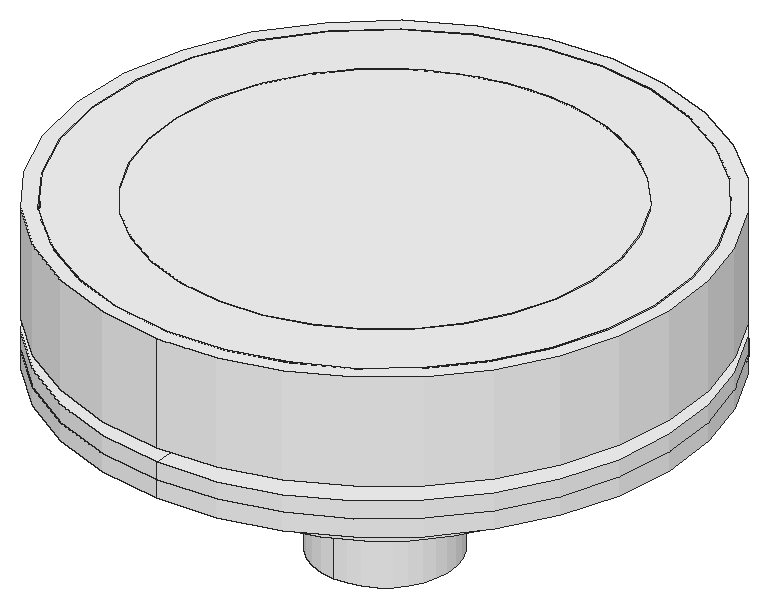
Revit family "FS1950", category Plumbing Fixtures, host Face, Revit 2018
Family settings
  Host = Face
  Round Connector Dimension = Use Radius
  Part Type = Normal
  Cut with Voids When Loaded = No
  Shared = No
  Room Calculation Point = No
Parameters (values of type "2"  Dia")
  WFU = 0
  URL = "WWW.MIFAB.COM"
  Top Diameter = 0' - 9"
  Strainer Adjustment [instance] = 0' - 2"
  Pipe Radius = Pipe Diameter / 2  # 0' - 1"
  Pipe Diameter = 0' - 2"
  Model = "FS1950"
  Manufacturer = "MIFAB"
  Floor Drain Material = Paint - Sherwin Williams Paint - #952C2A - Bellwood Red
  Description = "9\" ROUND SHALLOW FLOOR SINK"
  Default Elevation = 0' - 0"
  CWFU = 0
  Body Height = 0' - 5"
  Assembly Code = ""
Types (4): name | Pipe Radius | Pipe Diameter
  (no name) | 0' - 1" | 0' - 2"
  2"  Dia | 0' - 1" | 0' - 2"
  3"  Dia | 0' - 1 1/2" | 0' - 3"
  4"  Dia | 0' - 2" | 0' - 4"
Reference planes (in)
  plane 1 "Center (Front/Back)": y = 0
  plane 2: z = 0
  plane 3 "Center (Left/Right)": x = 0
  plane 4: z = -5
  plane 5: z = -2
  plane 6: z = 0
  plane 7: y = -3.46875
  plane 8: y = 3.46875
  plane 9: y = 4
  plane 10: y = -4
  plane 11: y = -1
  plane 12: y = 1
  plane 13: x = -2.5
  plane 14: x = 2.5
  plane 15: z = -0.26875
  plane 16: z = -4.9375
  plane 17: z = -0.16875
  plane 18: y = 2.5
  plane 19: y = -2.5
  plane 20: x = 4
  plane 21: x = -4.0364
  plane 22: y = 4.5
  plane 23: y = -4.5
  plane 24: z = -2
  plane 25: z = -0.65866
Forms (in)
  Revolve 1, solid, material "Paint - Sherwin Williams Paint - #952C2A - Bellwood Red" <- "Floor Drain Material"
    sketch origin (0, 0.04396, 0) x (0, 1, 0) y (0, 0, 1)
      loop
        line (-2.65851, -2) -> (-4.54396, -2) -> (-4.54396, -2.26052) -> (-3.19953, -2.26052) -> (-3.19953, -2.65595) -> (-2.85578, -2.65595) -> (-2.85578, -3.26301) -> (-1.04396, -3.74988) -> (-1.04396, -4.9375) -> (-0.79396, -4.9375) -> (-0.79396, -3.5872) -> (-2.65851, -3.07277) -> (-2.65851, -2)
      axis (-0.04396, -2) -> (-0.04396, -4.9375)
    angle from 0 to 360
  Revolve 2, solid, material "Paint - Sherwin Williams Paint - #952C2A - Bellwood Red" <- "Floor Drain Material"
    sketch origin (-4.25196, 0.29943, 1.30859) x (-0.866025, -0.5, 0) y (0, 0, 1)
      loop
        line (-3.45218, -2.86635) -> (-3.56667, -2.86635) -> (-3.56667, -2.95299) -> (-3.69351, -2.95299) -> (-3.69351, -3.05859) -> (-3.57332, -3.05859) -> (-3.57332, -3.38924) -> (-3.45218, -3.38924) -> (-3.45218, -2.86635)
      axis (-3.45218, -2.86635) -> (-3.45218, -3.38924)
    angle from 0 to 360
  Extrusion 3, solid, material "Paint - Sherwin Williams Paint - #952C2A - Bellwood Red" <- "Floor Drain Material"
    sketch origin (0, 0, 0) x (1, 0, 0) y (0, 1, 0)
      loop
        circle (0, 0) r 4.28125
      loop
        circle (0, 0) r 3.28125
    from -0.65866 to 0
  Revolve 4, solid, material "Paint - Sherwin Williams Paint - #952C2A - Bellwood Red" <- "Floor Drain Material"
    sketch origin (0, 0, 0) x (0, 1, 0) y (0, 0, 1)
      loop
        line (4.5, -2) -> (4.5, -1.75) -> (1.86057, -1.75) -> (1.86057, -0.26875) -> (1.74411, -0.26875) -> (1.74411, -2) -> (4.5, -2)
      axis (0, -2) -> (0, -0.26875)
    angle from 0 to 360
  Sweep 5, solid, material "Paint - Sherwin Williams Paint - #952C2A - Bellwood Red" <- "Floor Drain Material"
    path origin (0, 0, 0) x (1, 0, 0) y (0, 1, 0)
      loop
        circle (0, 0) r 4.5
    profile origin (4.5, 0, 0) x (-1, 0, 0) y (0, 0, 1)
      loop
        line (0, 0) -> (0, -1.54517) -> (2, -1.54517) -> (2, -2.75) -> (2.21875, -2.75) -> (2.21875, -1.32642) -> (0.21875, -1.32642) -> (0.21875, 0) -> (0, 0)
  Extrusion 6, solid, material "Paint - Sherwin Williams Paint - #952C2A - Bellwood Red" <- "Floor Drain Material"
    sketch origin (0, 0, 0) x (1, 0, 0) y (0, 1, 0)
      loop
        circle (0, 0) r 3.28125
    from -0.26875 to 0
  Revolve 7, solid, material "Paint - Sherwin Williams Paint - #952C2A - Bellwood Red" <- "Floor Drain Material"
    sketch origin (-0.58883, -1.78334, 1.30859) x (-0.866025, -0.5, 0) y (0, 0, 1)
      loop
        line (-3.45218, -2.86635) -> (-3.56667, -2.86635) -> (-3.56667, -2.95299) -> (-3.69351, -2.95299) -> (-3.69351, -3.05859) -> (-3.57332, -3.05859) -> (-3.57332, -3.38924) -> (-3.45218, -3.38924) -> (-3.45218, -2.86635)
      axis (-3.45218, -2.86635) -> (-3.45218, -3.38924)
    angle from 0 to 360
  Revolve 8, solid, material "Paint - Sherwin Williams Paint - #952C2A - Bellwood Red" <- "Floor Drain Material"
    sketch origin (-4.76185, -3.32509, 1.30859) x (-0.866025, -0.5, 0) y (0, 0, 1)
      loop
        line (-3.45218, -2.86635) -> (-3.56667, -2.86635) -> (-3.56667, -2.95299) -> (-3.69351, -2.95299) -> (-3.69351, -3.05859) -> (-3.57332, -3.05859) -> (-3.57332, -3.38924) -> (-3.45218, -3.38924) -> (-3.45218, -2.86635)
      axis (-3.45218, -2.86635) -> (-3.45218, -3.38924)
    angle from 0 to 360
Dimensions and locks (in)
  "Body Height": level to plane 4
  "Strainer Adjustment": plane 6 to plane 5
  equal spacing: plane 8, plane 1 "Center (Front/Back)", plane 7
  plane 8 to plane 7 = 0' - 6 15/16"
  equal spacing: plane 9, plane 1 "Center (Front/Back)", plane 10
  plane 9 to plane 10 = 0' - 8"
  equal spacing: plane 12, plane 1 "Center (Front/Back)", plane 11
  "Pipe Diameter": plane 12 to plane 11
  "Pipe Radius": plane 1 "Center (Front/Back)" to plane 11
  equal spacing: plane 13, plane 3 "Center (Left/Right)", plane 14
  plane 13 to plane 14 = 0' - 5"
  level to plane 16 = 0' - 4 15/16"
  level to plane 17 to plane 15 = 0' - 0.16875" locked, 0' - 0.1" locked
  equal spacing: plane 18, plane 1 "Center (Front/Back)", plane 19
  plane 18 to plane 19 = 0' - 5"
  plane 21 to plane 20 = 0' - 8.0364"
  plane 9 to Revolve 4 sketch curve to Revolve 4 sketch curve = 0' - 2.13943" locked, 0' - 0.11646" locked
  plane 22 to plane 23 = 0' - 9"
  "Strainer Adjustment": plane 2 to plane 24
  locked: plane 2 to plane 25 at 0.65866
  Revolve 1 sketch curve to Revolve 1 sketch curve to Revolve 1 sketch curve to Revolve 1 sketch curve = 0' - 0.19727" locked, 0' - 0 11/32" locked, 0' - 1.34443" locked
  aligned and locked: plane 2 to host face
  aligned and locked: level to host face
  aligned and locked: plane 5 to Revolve 1 sketch curve
  aligned and locked: level to Extrusion 3
  aligned and locked: Revolve 4 sketch curve to plane 15
  aligned and locked: Extrusion 6 sketch curve to Extrusion 3  (x2)
  aligned and locked: Extrusion 6 to plane 15
  aligned and locked: level to Extrusion 6
  aligned and locked: Revolve 1 sketch curve to plane 23
  aligned and locked: Revolve 4 sketch curve to plane 22
  aligned and locked: Revolve 1 sketch curve to plane 16
Automatic sketch dimensions
  host sketch curve to host sketch curve = 8' - 0"  (x2)
  plane 24 to Revolve 2 sketch curve = 0' - 0.35561"
  Revolve 2 sketch curve to Revolve 2 sketch curve = 0' - 0.12019"
  Revolve 2 sketch curve to Revolve 2 sketch curve = 0' - 0.00664"
  Revolve 2 sketch curve to Revolve 2 sketch curve = 0' - 0.11449"
  Revolve 2 sketch curve to Revolve 2 sketch curve = 0' - 0.10561"
  Revolve 2 sketch curve to plane 24 = 0' - 0.08065"
  Revolve 2 sketch curve to Revolve 2 sketch curve = 0' - 0.08664"
  Revolve 2 sketch curve to Revolve 2 sketch curve = 0' - 0"
  Revolve 2 sketch curve to Revolve 2 sketch curve = 0' - 0.76027"
  Revolve 2 sketch curve to Revolve 2 sketch curve = 0' - 0.03954"
  Extrusion 3 sketch curve to Extrusion 3 sketch curve = 0' - 0"  (x6)
  Extrusion 3 sketch curve to plane 3 "Center (Left/Right)" = 0' - 0"
  plane 1 "Center (Front/Back)" to Extrusion 3 sketch curve = 0' - 0"
  plane 23 to Extrusion 3 sketch curve = 0' - 0 7/32"
  Revolve 4 sketch curve to plane 1 "Center (Front/Back)" = 0' - 0"
  plane 24 to Revolve 4 sketch curve = 0' - 0"
  Revolve 4 sketch curve to Revolve 4 sketch curve = 0' - 0 1/4"
  level to Revolve 4 sketch curve = 0' - 0.2"
  Revolve 4 sketch curve to Revolve 4 sketch curve = 0' - 1"
  Sweep 5 sketch curve to Sweep 5 sketch curve = 0' - 0"  (x2)
  Sweep 5 sketch curve to plane 3 "Center (Left/Right)" = 0' - 0"
  Sweep 5 sketch curve to plane 23 = 0' - 0"
  plane 1 "Center (Front/Back)" to Sweep 5 sketch curve = 0' - 0"
  plane 24 to Revolve 7 sketch curve = 0' - 0.35561"
  Revolve 7 sketch curve to Revolve 7 sketch curve = 0' - 0.12019"
  Revolve 7 sketch curve to Revolve 7 sketch curve = 0' - 0.00664"
  Revolve 7 sketch curve to Revolve 7 sketch curve = 0' - 0.11449"
  Revolve 7 sketch curve to Revolve 7 sketch curve = 0' - 0.10561"
  Revolve 7 sketch curve to plane 24 = 0' - 0.08065"
  Revolve 7 sketch curve to Revolve 7 sketch curve = 0' - 0.08664"
  Revolve 7 sketch curve to Revolve 7 sketch curve = 0' - 0"
  Revolve 7 sketch curve to Revolve 7 sketch curve = 0' - 0.76027"
  Revolve 7 sketch curve to Revolve 7 sketch curve = 0' - 0.03954"
  plane 24 to Revolve 8 sketch curve = 0' - 0.35561"
  Revolve 8 sketch curve to Revolve 8 sketch curve = 0' - 0.12019"
  Revolve 8 sketch curve to Revolve 8 sketch curve = 0' - 0.00664"
  Revolve 8 sketch curve to Revolve 8 sketch curve = 0' - 0.11449"
  Revolve 8 sketch curve to Revolve 8 sketch curve = 0' - 0.10561"
  Revolve 8 sketch curve to plane 24 = 0' - 0.08065"
  Revolve 8 sketch curve to Revolve 8 sketch curve = 0' - 0.08664"
  Revolve 8 sketch curve to Revolve 8 sketch curve = 0' - 0"
  Revolve 8 sketch curve to Revolve 8 sketch curve = 0' - 0.76027"
  Revolve 8 sketch curve to Revolve 8 sketch curve = 0' - 0.03954"
  Sweep 5 sketch curve to level = 0' - 0"
  Sweep 5 sketch curve to profile plane = 0' - 0"
  Sweep 5 sketch curve to profile plane = 0' - 0 7/32"
  Sweep 5 sketch curve to Sweep 5 sketch curve = 0' - 1 25/32"
  Sweep 5 sketch curve to Sweep 5 sketch curve = 0' - 0 7/32"  (x2)
  Sweep 5 sketch curve to level = 0' - 1.32642"
  Sweep 5 sketch curve to Sweep 5 sketch curve = 0' - 1.20483"
  Revolve 1 sketch curve to plane 11 = 0' - 0"
  Revolve 1 sketch curve to plane 1 "Center (Front/Back)" = 0' - 0"
  Revolve 1 sketch curve to plane 4 = 0' - 0"
  Revolve 1 sketch curve to plane 11 = 0' - 0 1/4"
  Revolve 1 sketch curve to Revolve 1 sketch curve = 0' - 1.18762"
  Revolve 1 sketch curve to Revolve 1 sketch curve = 0' - 0.16267"
  Revolve 1 sketch curve to Revolve 1 sketch curve = 0' - 0.48687"
  Revolve 1 sketch curve to Revolve 1 sketch curve = 0' - 0.19024"
  Revolve 1 sketch curve to Revolve 1 sketch curve = 0' - 0.41682"
  Revolve 1 sketch curve to plane 5 = 0' - 0.26052"
  Revolve 1 sketch curve to plane 5 = 0' - 0 1/4"
  radius of Extrusion 3 sketch curve = 0' - 3 9/32"
Connectors (in)
  piping at (0, 0, -4.9375), diameter 2, driven by "Pipe Radius", driven by "WFU"
    settings: on Revolve 1, index 2, connector inside diameter 2", connector length 0' - 0", flow factor 0, pipe flow 0 GPM, pressure drop 0.00 psi, fitting loss kfactor 0, connector angle 0.00°, fixture units 0, engagement length 0' - 0", angle of deflection 0.00°, flow configuration 3, flow direction 2, fitting loss method 0, system type 16, joint type 0, gender type 0, connector reference index -1, connector utility 0, adjustable connector no, is connector primary yes, connector description "Sanitary Out"
